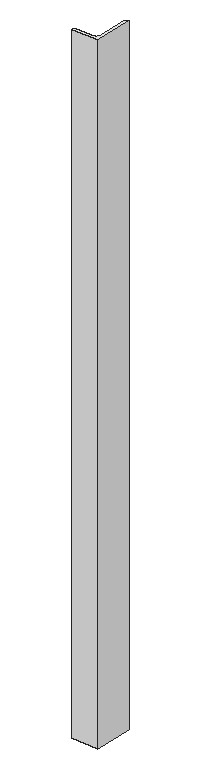
Revit family "M_L Ângulos desiguais-Coluna", category Pilares estruturais, Revit 2019
Family settings
  Forma do corte = Ângulo L
  Material para o comportamento do modelo = Aço
  Exportar sempre como geometria = Não
  Redução da viga na planta = Da caixa de vinculação
  Family Name Key = M_L Unequal Angles-Column
  Nome do código = AISC 14.1
  Número OmniClass = 23.25.30.11.14.11
  Título OmniClass = Columns
  ID de item do Seek = L-Unequal Angles-Column-0000-CAN-ENU
  Corte com vazios quando carregada = Não
  Representação simbólica = Das configurações de projeto
  Compartilhado = Não
  Exibir o pré-corte da família na vista da planta = Sim
Parameters (values of type "L152x102x12.7")
  Largura = 102.00 mm
  Espessura da teia = 12.70 mm
  Concordância da teia = 12.70 mm
  Constante da empena = 0.000000282 (stored number, unit not read)
  Momento de inércia de torção = 16.9 cm⁴
  Concordância da alma superior = 6.35 mm
  Structural Material [instance] = Aço, 45-345
  Section Name Key = ""
  Área de corte = 3060.0 mm²
  Ângulo dos eixos principais = 23.749°
  Eixo fraco do módulo plástico = 60500.0 mm³
  Eixo forte do módulo plástico = 126000.0 mm³
  Peso nominal = 235.36 N/m
  Eixo fraco do momento de inércia = 259 cm⁴
  Eixo forte do momento de inércia = 720 cm⁴
  Altura = 152.00 mm
  Espessura do flange = 12.7 mm
  Concordância do flange = 6.35 mm
  Eixo fraco do módulo de elasticidade = 33800.0 mm³
  Eixo forte do módulo de elasticidade = 70600.0 mm³
  Centróide vertical = 50.30 mm
  Centróide horizontal = 24.90 mm
  Flange mais curto do espaçamento do parafuso = 63.5 mm
  Flange mais longo 2 do espaçamento do parafuso = 120.65 mm
  Flange mais longo 1 do espaçamento do parafuso = 57.15 mm
  Assembly Code = ""
Reference planes
  plane 1: y = 0
  plane 2: z = 0
  plane 3: x = 0
  plane 4: x = -77.1
  plane 5: y = 101.7
  plane 6: y = -50.3
  plane 7: x = 24.9
  plane 8: y = -37.6
  plane 9: x = 12.2
Forms (mm)
  Extrusion 1, solid, material "Aço, 45-345" <- "Structural Material", detail levels medium
    sketch origin (0, 0, 0) x (1, 0, 0) y (0, 1, 0)
      loop
        line (-77.1, -37.6) -> (-77.1, -50.3) -> (24.9, -50.3) -> (24.9, 101.7) -> (12.2, 101.7) -> (12.2, -37.6) -> (-77.1, -37.6)
    from 0 to 2500
  Extrusion 2, solid, material "Aço, 45-345" <- "Structural Material", detail levels fine
    sketch origin (0, 0, 0) x (1, 0, 0) y (0, 1, 0)
      loop
        arc (-70.75, -37.6) -> (-75.24, -39.46) -> (-77.1, -43.95) r 6.35
        line (-77.1, -43.95) -> (-77.1, -50.3) -> (24.9, -50.3) -> (24.9, 101.7) -> (18.55, 101.7)
        arc (18.55, 101.7) -> (14.06, 99.84) -> (12.2, 95.35) r 6.35
        line (12.2, 95.35) -> (12.2, -24.9)
        arc (12.2, -24.9) -> (8.48, -33.88) -> (-0.5, -37.6) r 12.7
        line (-0.5, -37.6) -> (-70.75, -37.6)
    from 0 to 2500
Lines and regions (mm)
  symbolic lines, style "Faces ocultas", detail levels medium+fine
    curve 1: line (12.2, 0, 2500) -> (12.2, 0, 0)
    curve 2: line (-4.1, 89, 2500) -> (-4.1, 89, 0)
  symbolic lines, style "StructuralColumnStickSymbols", detail levels coarse
    curve 3: line (24.9, -50.3, 0) -> (-77.1, -50.3, 0)
    curve 4: line (24.9, -50.3, 0) -> (24.9, 101.7, 0)
Dimensions and locks
  "Centróide vertical": plane 1 to plane 6
  "Espessura da teia": plane 8 to plane 6
  "Espessura da teia": plane 9 to plane 7
  "Centróide horizontal": plane 3 to plane 7
  "Altura": plane 5 to plane 6
  "Largura": plane 4 to plane 7
  "Concordância da alma superior": radius of Extrusion 2 sketch curve
  "Concordância do flange": radius of Extrusion 2 sketch curve
  "Concordância da teia": radius of Extrusion 2 sketch curve
  aligned and locked: level to plane 2
  aligned and locked: level to curve 1  (x2)
  aligned and locked: plane 2 to curve 2
  aligned and locked: level to curve 2
  aligned and locked: plane 7 to curve 3
  aligned and locked: plane 6 to curve 3
  aligned and locked: Extrusion 1 sketch curve to plane 5
  aligned and locked: plane 9 to Extrusion 1 sketch curve
  aligned and locked: Extrusion 1 sketch curve to plane 8
  aligned and locked: plane 4 to Extrusion 1 sketch curve
  aligned and locked: plane 6 to Extrusion 1 sketch curve
  aligned and locked: Extrusion 1 sketch curve to plane 7
  aligned and locked: plane 4 to curve 3
  aligned and locked: plane 5 to curve 4
  aligned and locked: level to Extrusion 1
  aligned and locked: Extrusion 1 to level
  aligned and locked: plane 6 to Extrusion 2 sketch curve
  aligned and locked: Extrusion 2 sketch curve to plane 7
  aligned and locked: Extrusion 2 sketch curve to plane 5
  aligned and locked: plane 9 to Extrusion 2 sketch curve
  aligned and locked: Extrusion 2 sketch curve to plane 8
  aligned and locked: plane 4 to Extrusion 2 sketch curve
  aligned and locked: level to Extrusion 2
  aligned and locked: Extrusion 2 to level
  aligned and locked: curve 1 to plane 9
Automatic sketch dimensions
  curve 2 to plane 5 = 12.70 mm
Types in the file's own list only (75): name | Largura | Espessura da teia | Concordância da teia | Constante da empena | Momento de inércia de torção | Concordância da alma superior | Chave do nome do corte | Área de corte | Ângulo dos eixos principais | Eixo fraco do módulo plástico | Eixo forte do módulo plástico | Peso nominal | Eixo fraco do momento de inércia | Eixo forte do momento de inércia | Altura | Espessura do flange | Concordância do flange | Eixo fraco do módulo de elasticidade | Eixo forte do módulo de elasticidade | Centróide vertical | Centróide horizontal | Flange mais curto do espaçamento do parafuso | Flange mais longo 2 do espaçamento do parafuso | Flange mais longo 1 do espaçamento do parafuso
  L203X152X25.4 | 152.000 mm | 25.400 mm | 25.400 mm | 4380000000.0 mm6 | 1810000.00 mm4 | 12.700 mm | L8X6X1 | 8450.0 mm² | 28.46° | 265000.0 mm³ | 447000.0 mm³ | 65.50 kgf/m | 16100000.00 mm4 | 33700000.00 mm4 | 203.000 mm | 25.400 mm | 12.700 mm | 146000.0 mm³ | 247000.0 mm³ | 67.300 mm | 41.900 mm | 88.90 mm | 152.40 mm | 76.20 mm
  L203X152X22.2 | 152.000 mm | 22.200 mm | 22.200 mm | 3030000000.0 mm6 | 1230000.00 mm4 | 11.100 mm | L8X6X7/8 | 7420.0 mm² | 28.63° | 236000.0 mm³ | 398000.0 mm³ | 57.90 kgf/m | 14500000.00 mm4 | 30100000.00 mm4 | 203.000 mm | 22.200 mm | 11.100 mm | 130000.0 mm³ | 220000.0 mm³ | 66.000 mm | 40.600 mm | 88.90 mm | 152.40 mm | 76.20 mm
  L203X152X19 | 152.000 mm | 19.100 mm | 19.100 mm | 1950000000.0 mm6 | 791000.00 mm4 | 9.550 mm | L8X6X3/4 | 6450.0 mm² | 28.81° | 205000.0 mm³ | 346000.0 mm³ | 50.10 kgf/m | 12800000.00 mm4 | 26400000.00 mm4 | 203.000 mm | 19.100 mm | 9.550 mm | 113000.0 mm³ | 192000.0 mm³ | 64.800 mm | 39.600 mm | 88.90 mm | 152.40 mm | 76.20 mm
  L203X152X15.9 | 152.000 mm | 15.900 mm | 15.900 mm | 1160000000.0 mm6 | 466000.00 mm4 | 7.950 mm | L8X6X5/8 | 5430.0 mm² | 28.99° | 172000.0 mm³ | 293000.0 mm³ | 42.20 kgf/m | 11000000.00 mm4 | 22600000.00 mm4 | 203.000 mm | 15.900 mm | 7.950 mm | 96400.0 mm³ | 162000.0 mm³ | 63.500 mm | 38.400 mm | 88.90 mm | 152.40 mm | 76.20 mm
  L203X152X14.3 | 152.000 mm | 14.300 mm | 14.300 mm | 859000000.0 mm6 | 343000.00 mm4 | 7.150 mm | L8X6X9/16 | 4910.0 mm² | 29.07° | 156000.0 mm³ | 265000.0 mm³ | 38.10 kgf/m | 10000000.00 mm4 | 20600000.00 mm4 | 203.000 mm | 14.300 mm | 7.150 mm | 87500.0 mm³ | 147000.0 mm³ | 63.000 mm | 37.800 mm | 88.90 mm | 152.40 mm | 76.20 mm
  L203X152X12.7 | 152.000 mm | 12.700 mm | 12.700 mm | 612000000.0 mm6 | 243000.00 mm4 | 6.350 mm | L8X6X1/2 | 4390.0 mm² | 29.12° | 140000.0 mm³ | 239000.0 mm³ | 34.10 kgf/m | 9030000.00 mm4 | 18500000.00 mm4 | 203.000 mm | 12.700 mm | 6.350 mm | 78500.0 mm³ | 131000.0 mm³ | 62.500 mm | 37.100 mm | 88.90 mm | 152.40 mm | 76.20 mm
  L203X152X11.1 | 152.000 mm | 11.100 mm | 11.100 mm | 416000000.0 mm6 | 165000.00 mm4 | 5.550 mm | L8X6X7/16 | 3860.0 mm² | 29.21° | 123000.0 mm³ | 211000.0 mm³ | 29.90 kgf/m | 8030000.00 mm4 | 16400000.00 mm4 | 203.000 mm | 11.100 mm | 5.550 mm | 69300.0 mm³ | 116000.0 mm³ | 61.700 mm | 36.600 mm | 88.90 mm | 152.40 mm | 76.20 mm
  L203X102X25.4 | 102.000 mm | 25.400 mm | 25.400 mm | 3460000000.0 mm6 | 1530000.00 mm4 | 12.700 mm | L8X4X1 | 7160.0 mm² | 13.87° | 127000.0 mm³ | 398000.0 mm³ | 55.40 kgf/m | 4830000.00 mm4 | 29000000.00 mm4 | 203.000 mm | 25.400 mm | 12.700 mm | 64600.0 mm³ | 229000.0 mm³ | 77.000 mm | 26.400 mm | 63.50 mm | 152.40 mm | 76.20 mm
  L203X102X22.2 | 102.000 mm | 22.200 mm | 22.200 mm | 2390000000.0 mm6 | 1040000.00 mm4 | 11.100 mm | L8X4X7/8 | 6320.0 mm² | 14.14° | 111000.0 mm³ | 356000.0 mm³ | 49.30 kgf/m | 4370000.00 mm4 | 26100000.00 mm4 | 203.000 mm | 22.200 mm | 11.100 mm | 57500.0 mm³ | 205000.0 mm³ | 75.900 mm | 25.300 mm | 63.50 mm | 152.40 mm | 76.20 mm
  L203X102X19 | 102.000 mm | 19.100 mm | 19.100 mm | 1540000000.0 mm6 | 670000.00 mm4 | 9.550 mm | L8X4X3/4 | 5480.0 mm² | 14.41° | 95400.0 mm³ | 310000.0 mm³ | 42.50 kgf/m | 3900000.00 mm4 | 22900000.00 mm4 | 203.000 mm | 19.100 mm | 9.550 mm | 50300.0 mm³ | 179000.0 mm³ | 74.700 mm | 24.100 mm | 63.50 mm | 152.40 mm | 76.20 mm
  L203X102X15.9 | 102.000 mm | 15.900 mm | 15.900 mm | 918000000.0 mm6 | 398000.00 mm4 | 7.950 mm | L8X4X5/8 | 4620.0 mm² | 14.68° | 79600.0 mm³ | 264000.0 mm³ | 36.00 kgf/m | 3380000.00 mm4 | 19600000.00 mm4 | 203.000 mm | 15.900 mm | 7.950 mm | 42900.0 mm³ | 151000.0 mm³ | 73.400 mm | 22.900 mm | 63.50 mm | 152.40 mm | 76.20 mm
  L203X102X14.3 | 102.000 mm | 14.300 mm | 14.300 mm | 679000000.0 mm6 | 293000.00 mm4 | 7.150 mm | L8X4X9/16 | 4190.0 mm² | 14.79° | 71900.0 mm³ | 239000.0 mm³ | 32.40 kgf/m | 3100000.00 mm4 | 17900000.00 mm4 | 203.000 mm | 14.300 mm | 7.150 mm | 39000.0 mm³ | 137000.0 mm³ | 72.600 mm | 22.300 mm | 63.50 mm | 152.40 mm | 76.20 mm
  L203X102X12.7 | 102.000 mm | 12.700 mm | 12.700 mm | 483000000.0 mm6 | 209000.00 mm4 | 6.350 mm | L8X4X1/2 | 3740.0 mm² | 14.90° | 64100.0 mm³ | 215000.0 mm³ | 29.00 kgf/m | 2810000.00 mm4 | 16100000.00 mm4 | 203.000 mm | 12.700 mm | 6.350 mm | 35200.0 mm³ | 123000.0 mm³ | 72.100 mm | 21.700 mm | 63.50 mm | 152.40 mm | 76.20 mm
  L203X102X11.1 | 102.000 mm | 11.100 mm | 11.100 mm | 328000000.0 mm6 | 142000.00 mm4 | 5.550 mm | L8X4X7/16 | 3300.0 mm² | 15.00° | 56000.0 mm³ | 190000.0 mm³ | 25.60 kgf/m | 2510000.00 mm4 | 14200000.00 mm4 | 203.000 mm | 11.100 mm | 5.550 mm | 31100.0 mm³ | 108000.0 mm³ | 71.400 mm | 21.100 mm | 63.50 mm | 152.40 mm | 76.20 mm
  L178X102X19 | 102.000 mm | 19.100 mm | 19.100 mm | 1070000000.0 mm6 | 612000.00 mm4 | 9.550 mm | L7X4X3/4 | 4990.0 mm² | 17.95° | 91800.0 mm³ | 243000.0 mm³ | 38.80 kgf/m | 3750000.00 mm4 | 15700000.00 mm4 | 178.000 mm | 19.100 mm | 9.550 mm | 49300.0 mm³ | 137000.0 mm³ | 63.500 mm | 25.400 mm | 63.50 mm | 139.70 mm | 63.50 mm
  L178X102X15.9 | 102.000 mm | 15.900 mm | 15.900 mm | 636000000.0 mm6 | 361000.00 mm4 | 7.950 mm | L7X4X5/8 | 4190.0 mm² | 18.21° | 76900.0 mm³ | 205000.0 mm³ | 32.70 kgf/m | 3240000.00 mm4 | 13500000.00 mm4 | 178.000 mm | 15.900 mm | 7.950 mm | 42000.0 mm³ | 117000.0 mm³ | 62.200 mm | 24.300 mm | 63.50 mm | 139.70 mm | 63.50 mm
  L178X102X12.7 | 102.000 mm | 12.700 mm | 12.700 mm | 336000000.0 mm6 | 190000.00 mm4 | 6.350 mm | L7X4X1/2 | 3390.0 mm² | 18.47° | 61800.0 mm³ | 167000.0 mm³ | 26.50 kgf/m | 2700000.00 mm4 | 11100000.00 mm4 | 178.000 mm | 12.700 mm | 6.350 mm | 34400.0 mm³ | 94900.0 mm³ | 61.000 mm | 23.100 mm | 63.50 mm | 139.70 mm | 63.50 mm
  L178X102X11.1 | 102.000 mm | 11.100 mm | 11.100 mm | 229000000.0 mm6 | 129000.00 mm4 | 5.550 mm | L7X4X7/16 | 2990.0 mm² | 18.62° | 54200.0 mm³ | 148000.0 mm³ | 23.40 kgf/m | 2410000.00 mm4 | 9820000.00 mm4 | 178.000 mm | 11.100 mm | 5.550 mm | 30500.0 mm³ | 83700.0 mm³ | 60.500 mm | 22.500 mm | 63.50 mm | 139.70 mm | 63.50 mm
  L178X102X9.5 | 102.000 mm | 9.530 mm | 9.530 mm | 146000000.0 mm6 | 82400.00 mm4 | 4.765 mm | L7X4X3/8 | 2580.0 mm² | 18.73° | 46500.0 mm³ | 128000.0 mm³ | 20.20 kgf/m | 2110000.00 mm4 | 8530000.00 mm4 | 178.000 mm | 9.530 mm | 4.765 mm | 26400.0 mm³ | 72400.0 mm³ | 59.700 mm | 21.900 mm | 63.50 mm | 139.70 mm | 63.50 mm
  L152X102X22.2 | 102.000 mm | 22.200 mm | 22.200 mm | 1080000000.0 mm6 | 845000.00 mm4 | 11.100 mm | L6X4X7/8 | 5160.0 mm² | 22.83° | 103000.0 mm³ | 208000.0 mm³ | 40.30 kgf/m | 4040000.00 mm4 | 11500000.00 mm4 | 152.000 mm | 22.200 mm | 11.100 mm | 55200.0 mm³ | 117000.0 mm³ | 53.800 mm | 28.400 mm | 63.50 mm | 120.65 mm | 57.15 mm
  L152X102X19 | 102.000 mm | 19.100 mm | 19.100 mm | 709000000.0 mm6 | 545000.00 mm4 | 9.550 mm | L6X4X3/4 | 4480.0 mm² | 23.17° | 88800.0 mm³ | 182000.0 mm³ | 35.00 kgf/m | 3590000.00 mm4 | 10200000.00 mm4 | 152.000 mm | 19.100 mm | 9.550 mm | 48300.0 mm³ | 102000.0 mm³ | 52.600 mm | 27.200 mm | 63.50 mm | 120.65 mm | 57.15 mm
  L152X102X15.9 | 102.000 mm | 15.900 mm | 15.900 mm | 427000000.0 mm6 | 323000.00 mm4 | 7.950 mm | L6X4X5/8 | 3780.0 mm² | 23.51° | 74700.0 mm³ | 155000.0 mm³ | 29.60 kgf/m | 3110000.00 mm4 | 8740000.00 mm4 | 152.000 mm | 15.900 mm | 7.950 mm | 41300.0 mm³ | 86700.0 mm³ | 51.600 mm | 26.200 mm | 63.50 mm | 120.65 mm | 57.15 mm
  L152X102X14.3 | 102.000 mm | 14.300 mm | 14.300 mm | 317000000.0 mm6 | 238000.00 mm4 | 7.150 mm | L6X4X9/16 | 3430.0 mm² | 23.65° | 67700.0 mm³ | 141000.0 mm³ | 26.90 kgf/m | 2860000.00 mm4 | 7990000.00 mm4 | 152.000 mm | 14.300 mm | 7.150 mm | 37500.0 mm³ | 78800.0 mm³ | 50.800 mm | 25.400 mm | 63.50 mm | 120.65 mm | 57.15 mm
  L152X102X11.1 | 102.000 mm | 11.100 mm | 11.100 mm | 154000000.0 mm6 | 115000.00 mm4 | 5.550 mm | L6X4X7/16 | 2700.0 mm² | 23.89° | 53100.0 mm³ | 112000.0 mm³ | 21.20 kgf/m | 2310000.00 mm4 | 6410000.00 mm4 | 152.000 mm | 11.100 mm | 5.550 mm | 30000.0 mm³ | 62400.0 mm³ | 49.500 mm | 24.300 mm | 63.50 mm | 120.65 mm | 57.15 mm
  L152X102X9.5 | 102.000 mm | 9.530 mm | 9.530 mm | 99100000.0 mm6 | 73700.00 mm4 | 4.765 mm | L6X4X3/8 | 2330.0 mm² | 24.04° | 45700.0 mm³ | 96500.0 mm³ | 18.20 kgf/m | 2020000.00 mm4 | 5580000.00 mm4 | 152.000 mm | 9.530 mm | 4.765 mm | 25900.0 mm³ | 54100.0 mm³ | 49.000 mm | 23.700 mm | 63.50 mm | 120.65 mm | 57.15 mm
  L152X102X7.9 | 102.000 mm | 7.940 mm | 7.940 mm | 58300000.0 mm6 | 43300.00 mm4 | 3.970 mm | L6X4X5/16 | 1950.0 mm² | 24.18° | 38200.0 mm³ | 81300.0 mm³ | 15.30 kgf/m | 1720000.00 mm4 | 4750000.00 mm4 | 152.000 mm | 7.940 mm | 3.970 mm | 22000.0 mm³ | 45400.0 mm³ | 48.300 mm | 23.100 mm | 63.50 mm | 120.65 mm | 57.15 mm
  L152X89X12.7 | 88.900 mm | 12.700 mm | 12.700 mm | 209000000.0 mm6 | 161000.00 mm4 | 6.350 mm | L6X3 1/2X1/2 | 2900.0 mm² | 18.93° | 47200.0 mm³ | 123000.0 mm³ | 22.70 kgf/m | 1760000.00 mm4 | 6910000.00 mm4 | 152.000 mm | 12.700 mm | 6.350 mm | 26100.0 mm³ | 69300.0 mm³ | 52.600 mm | 21.100 mm | 50.80 mm | 120.65 mm | 57.15 mm
  L152X89X9.5 | 88.900 mm | 9.530 mm | 9.530 mm | 91600000.0 mm6 | 69900.00 mm4 | 4.765 mm | L6X3 1/2X3/8 | 2220.0 mm² | 19.24° | 35700.0 mm³ | 94100.0 mm³ | 17.30 kgf/m | 1390000.00 mm4 | 5370000.00 mm4 | 152.000 mm | 9.530 mm | 4.765 mm | 20000.0 mm³ | 52900.0 mm³ | 51.300 mm | 19.800 mm | 50.80 mm | 120.65 mm | 57.15 mm
  L152X89X7.9 | 88.900 mm | 7.940 mm | 7.940 mm | 54000000.0 mm6 | 41200.00 mm4 | 3.970 mm | L6X3 1/2X5/16 | 1860.0 mm² | 19.39° | 29800.0 mm³ | 79300.0 mm³ | 14.50 kgf/m | 1180000.00 mm4 | 4540000.00 mm4 | 152.000 mm | 7.940 mm | 3.970 mm | 16900.0 mm³ | 44600.0 mm³ | 50.800 mm | 19.200 mm | 50.80 mm | 120.65 mm | 57.15 mm
  L127X89X19 | 88.900 mm | 19.100 mm | 19.100 mm | 408000000.0 mm6 | 454000.00 mm4 | 9.550 mm | L5X3 1/2X3/4 | 3770.0 mm² | 24.89° | 66700.0 mm³ | 125000.0 mm³ | 29.30 kgf/m | 2300000.00 mm4 | 5790000.00 mm4 | 127.000 mm | 19.100 mm | 9.550 mm | 36100.0 mm³ | 69800.0 mm³ | 44.200 mm | 25.200 mm | 50.80 mm | 95.25 mm | 50.80 mm
  L127X89X15.9 | 88.900 mm | 15.900 mm | 15.900 mm | 247000000.0 mm6 | 271000.00 mm4 | 7.950 mm | L5X3 1/2X5/8 | 3180.0 mm² | 25.27° | 56200.0 mm³ | 107000.0 mm³ | 24.90 kgf/m | 2000000.00 mm4 | 4990000.00 mm4 | 127.000 mm | 15.900 mm | 7.950 mm | 30800.0 mm³ | 59500.0 mm³ | 42.900 mm | 24.100 mm | 50.80 mm | 95.25 mm | 50.80 mm
  L127X89X12.7 | 88.900 mm | 12.700 mm | 12.700 mm | 132000000.0 mm6 | 143000.00 mm4 | 6.350 mm | L5X3 1/2X1/2 | 2580.0 mm² | 25.59° | 45700.0 mm³ | 87300.0 mm³ | 20.20 kgf/m | 1670000.00 mm4 | 4160000.00 mm4 | 127.000 mm | 12.700 mm | 6.350 mm | 25400.0 mm³ | 48700.0 mm³ | 41.900 mm | 22.900 mm | 50.80 mm | 95.25 mm | 50.80 mm
  L127X89X9.5 | 88.900 mm | 9.530 mm | 9.530 mm | 58300000.0 mm6 | 62400.00 mm4 | 4.765 mm | L5X3 1/2X3/8 | 1970.0 mm² | 25.87° | 34700.0 mm³ | 67000.0 mm³ | 15.40 kgf/m | 1310000.00 mm4 | 3230000.00 mm4 | 127.000 mm | 9.530 mm | 4.765 mm | 19500.0 mm³ | 37400.0 mm³ | 40.600 mm | 21.700 mm | 50.80 mm | 95.25 mm | 50.80 mm
  L127X89X7.9 | 88.900 mm | 7.940 mm | 7.940 mm | 34400000.0 mm6 | 36800.00 mm4 | 3.970 mm | L5X3 1/2X5/16 | 1650.0 mm² | 26.06° | 29000.0 mm³ | 56500.0 mm³ | 12.90 kgf/m | 1120000.00 mm4 | 2740000.00 mm4 | 127.000 mm | 7.940 mm | 3.970 mm | 16600.0 mm³ | 31500.0 mm³ | 39.900 mm | 21.100 mm | 50.80 mm | 95.25 mm | 50.80 mm
  L127X89X6.4 | 88.900 mm | 6.350 mm | 6.350 mm | 18000000.0 mm6 | 19300.00 mm4 | 3.175 mm | L5X3 1/2X1/4 | 1340.0 mm² | 26.15° | 23300.0 mm³ | 45600.0 mm³ | 10.40 kgf/m | 916000.00 mm4 | 2230000.00 mm4 | 127.000 mm | 6.350 mm | 3.175 mm | 13400.0 mm³ | 25400.0 mm³ | 39.400 mm | 20.400 mm | 50.80 mm | 95.25 mm | 50.80 mm
  L127X76X12.7 | 76.200 mm | 12.700 mm | 12.700 mm | 119000000.0 mm6 | 134000.00 mm4 | 6.350 mm | L5X3X1/2 | 2420.0 mm² | 19.65° | 34100.0 mm³ | 83900.0 mm³ | 19.00 kgf/m | 1060000.00 mm4 | 3930000.00 mm4 | 127.000 mm | 12.700 mm | 6.350 mm | 18500.0 mm³ | 47400.0 mm³ | 44.200 mm | 18.900 mm | 44.45 mm | 95.25 mm | 50.80 mm
  L127X76X11.1 | 76.200 mm | 11.100 mm | 11.100 mm | 81600000.0 mm6 | 91600.00 mm4 | 5.550 mm | L5X3X7/16 | 2140.0 mm² | 19.85° | 29800.0 mm³ | 74200.0 mm³ | 16.70 kgf/m | 953000.00 mm4 | 3500000.00 mm4 | 127.000 mm | 11.100 mm | 5.550 mm | 16400.0 mm³ | 42000.0 mm³ | 43.700 mm | 18.300 mm | 44.45 mm | 95.25 mm | 50.80 mm
  L127X76X9.5 | 76.200 mm | 9.530 mm | 9.530 mm | 52600000.0 mm6 | 58700.00 mm4 | 4.765 mm | L5X3X3/8 | 1850.0 mm² | 20.00° | 25700.0 mm³ | 64400.0 mm³ | 14.50 kgf/m | 837000.00 mm4 | 3060000.00 mm4 | 127.000 mm | 9.530 mm | 4.765 mm | 14300.0 mm³ | 36400.0 mm³ | 42.900 mm | 17.700 mm | 44.45 mm | 95.25 mm | 50.80 mm
  L127X76X7.9 | 76.200 mm | 7.940 mm | 7.940 mm | 31200000.0 mm6 | 34600.00 mm4 | 3.970 mm | L5X3X5/16 | 1550.0 mm² | 20.20° | 21500.0 mm³ | 54400.0 mm³ | 12.10 kgf/m | 716000.00 mm4 | 2600000.00 mm4 | 127.000 mm | 7.940 mm | 3.970 mm | 12100.0 mm³ | 30600.0 mm³ | 42.400 mm | 17.100 mm | 44.45 mm | 95.25 mm | 50.80 mm
  L127X76X6.4 | 76.200 mm | 6.350 mm | 6.350 mm | 16300000.0 mm6 | 18200.00 mm4 | 3.175 mm | L5X3X1/4 | 1250.0 mm² | 20.35° | 17200.0 mm³ | 43900.0 mm³ | 9.80 kgf/m | 587000.00 mm4 | 2120000.00 mm4 | 127.000 mm | 6.350 mm | 3.175 mm | 9830.0 mm³ | 24700.0 mm³ | 41.700 mm | 16.500 mm | 44.45 mm | 95.25 mm | 50.80 mm
  L102X89X12.7 | 88.900 mm | 12.700 mm | 12.700 mm | 81100000.0 mm6 | 125000.00 mm4 | 6.350 mm | L4X3 1/2X1/2 | 2260.0 mm² | 36.87° | 44100.0 mm³ | 56700.0 mm³ | 17.60 kgf/m | 1570000.00 mm4 | 2210000.00 mm4 | 102.000 mm | 12.700 mm | 6.350 mm | 24600.0 mm³ | 31500.0 mm³ | 31.500 mm | 25.200 mm | 50.80 mm | 0.00 mm | 0.00 mm
  L102X89X9.5 | 88.900 mm | 9.530 mm | 9.530 mm | 36000000.0 mm6 | 54900.00 mm4 | 4.765 mm | L4X3 1/2X3/8 | 1730.0 mm² | 37.05° | 33800.0 mm³ | 43600.0 mm³ | 13.50 kgf/m | 1230000.00 mm4 | 1730000.00 mm4 | 102.000 mm | 9.530 mm | 4.765 mm | 19000.0 mm³ | 24300.0 mm³ | 30.500 mm | 24.100 mm | 50.80 mm | 0.00 mm | 0.00 mm
  L102X89X7.9 | 88.900 mm | 7.940 mm | 7.940 mm | 21400000.0 mm6 | 32500.00 mm4 | 3.970 mm | L4X3 1/2X5/16 | 1450.0 mm² | 37.13° | 28500.0 mm³ | 36700.0 mm³ | 11.40 kgf/m | 1050000.00 mm4 | 1470000.00 mm4 | 102.000 mm | 7.940 mm | 3.970 mm | 16100.0 mm³ | 20500.0 mm³ | 29.700 mm | 23.400 mm | 50.80 mm | 0.00 mm | 0.00 mm
  L102X89X6.4 | 88.900 mm | 6.350 mm | 6.350 mm | 11300000.0 mm6 | 17100.00 mm4 | 3.175 mm | L4X3 1/2X1/4 | 1170.0 mm² | 37.20° | 22900.0 mm³ | 29700.0 mm³ | 9.20 kgf/m | 862000.00 mm4 | 1200000.00 mm4 | 102.000 mm | 6.350 mm | 3.175 mm | 13000.0 mm³ | 16600.0 mm³ | 29.000 mm | 22.800 mm | 50.80 mm | 0.00 mm | 0.00 mm
  L102X76X15.9 | 76.200 mm | 15.900 mm | 15.900 mm | 127000000.0 mm6 | 220000.00 mm4 | 7.950 mm | L4X3X5/8 | 2570.0 mm² | 28.10° | 40100.0 mm³ | 66900.0 mm³ | 20.20 kgf/m | 1190000.00 mm4 | 2500000.00 mm4 | 102.000 mm | 15.900 mm | 7.950 mm | 22000.0 mm³ | 37400.0 mm³ | 34.800 mm | 22.000 mm | 44.45 mm | 0.00 mm | 0.00 mm
  L102X76X12.7 | 76.200 mm | 12.700 mm | 12.700 mm | 68500000.0 mm6 | 117000.00 mm4 | 6.350 mm | L4X3X1/2 | 2100.0 mm² | 28.46° | 32600.0 mm³ | 55100.0 mm³ | 16.40 kgf/m | 999000.00 mm4 | 2090000.00 mm4 | 102.000 mm | 12.700 mm | 6.350 mm | 18000.0 mm³ | 30600.0 mm³ | 33.500 mm | 20.900 mm | 44.45 mm | 0.00 mm | 0.00 mm
  L102X76X9.5 | 76.200 mm | 9.530 mm | 9.530 mm | 30600000.0 mm6 | 51200.00 mm4 | 4.765 mm | L4X3X3/8 | 1610.0 mm² | 28.85° | 24900.0 mm³ | 42600.0 mm³ | 12.60 kgf/m | 787000.00 mm4 | 1640000.00 mm4 | 102.000 mm | 9.530 mm | 4.765 mm | 13900.0 mm³ | 23600.0 mm³ | 32.300 mm | 19.700 mm | 44.45 mm | 0.00 mm | 0.00 mm
  L102X76X7.9 | 76.200 mm | 7.940 mm | 7.940 mm | 18200000.0 mm6 | 30400.00 mm4 | 3.970 mm | L4X3X5/16 | 1350.0 mm² | 28.99° | 21000.0 mm³ | 35900.0 mm³ | 10.70 kgf/m | 674000.00 mm4 | 1400000.00 mm4 | 102.000 mm | 7.940 mm | 3.970 mm | 11800.0 mm³ | 20000.0 mm³ | 31.800 mm | 19.100 mm | 44.45 mm | 0.00 mm | 0.00 mm
  L102X76X6.4 | 76.200 mm | 6.350 mm | 6.350 mm | 9560000.0 mm6 | 16100.00 mm4 | 3.175 mm | L4X3X1/4 | 1090.0 mm² | 29.16° | 16900.0 mm³ | 29000.0 mm³ | 8.60 kgf/m | 554000.00 mm4 | 1140000.00 mm4 | 102.000 mm | 6.350 mm | 3.175 mm | 9590.0 mm³ | 16200.0 mm³ | 31.000 mm | 18.400 mm | 44.45 mm | 0.00 mm | 0.00 mm
  L89X76X12.7 | 76.200 mm | 12.700 mm | 12.700 mm | 51300000.0 mm6 | 108000.00 mm4 | 6.350 mm | L3 1/2X3X1/2 | 1950.0 mm² | 35.49° | 32300.0 mm³ | 42800.0 mm³ | 15.10 kgf/m | 966000.00 mm4 | 1440000.00 mm4 | 88.900 mm | 12.700 mm | 6.350 mm | 17900.0 mm³ | 23800.0 mm³ | 28.400 mm | 22.100 mm | 44.45 mm | 0.00 mm | 0.00 mm
  L89X76X11.1 | 76.200 mm | 11.100 mm | 11.100 mm | 35400000.0 mm6 | 74100.00 mm4 | 5.550 mm | L3 1/2X3X7/16 | 1720.0 mm² | 35.64° | 28700.0 mm³ | 38000.0 mm³ | 13.50 kgf/m | 870000.00 mm4 | 1290000.00 mm4 | 88.900 mm | 11.100 mm | 5.550 mm | 15900.0 mm³ | 21100.0 mm³ | 27.700 mm | 21.500 mm | 44.45 mm | 0.00 mm | 0.00 mm
  L89X76X9.5 | 76.200 mm | 9.530 mm | 9.530 mm | 23000000.0 mm6 | 47500.00 mm4 | 4.765 mm | L3 1/2X3X3/8 | 1500.0 mm² | 35.75° | 24900.0 mm³ | 33300.0 mm³ | 11.70 kgf/m | 766000.00 mm4 | 1140000.00 mm4 | 88.900 mm | 9.530 mm | 4.765 mm | 13900.0 mm³ | 18400.0 mm³ | 27.200 mm | 20.900 mm | 44.45 mm | 0.00 mm | 0.00 mm
  L89X76X7.9 | 76.200 mm | 7.940 mm | 7.940 mm | 13700000.0 mm6 | 28300.00 mm4 | 3.970 mm | L3 1/2X3X5/16 | 1260.0 mm² | 35.83° | 21000.0 mm³ | 28200.0 mm³ | 9.80 kgf/m | 658000.00 mm4 | 970000.00 mm4 | 88.900 mm | 7.940 mm | 3.970 mm | 11800.0 mm³ | 15600.0 mm³ | 26.700 mm | 20.300 mm | 44.45 mm | 0.00 mm | 0.00 mm
  L89X76X6.4 | 76.200 mm | 6.350 mm | 6.350 mm | 7250000.0 mm6 | 15000.00 mm4 | 3.175 mm | L3 1/2X3X1/4 | 1020.0 mm² | 35.94° | 17000.0 mm³ | 22800.0 mm³ | 8.00 kgf/m | 541000.00 mm4 | 799000.00 mm4 | 88.900 mm | 6.350 mm | 3.175 mm | 9590.0 mm³ | 12700.0 mm³ | 25.900 mm | 19.600 mm | 44.45 mm | 0.00 mm | 0.00 mm
  L89X64X12.7 | 63.500 mm | 12.700 mm | 12.700 mm | 42700000.0 mm6 | 97400.00 mm4 | 6.350 mm | L3 1/2X2 1/2X1/2 | 1790.0 mm² | 25.87° | 22800.0 mm³ | 41300.0 mm³ | 13.90 kgf/m | 566000.00 mm4 | 1350000.00 mm4 | 88.900 mm | 12.700 mm | 6.350 mm | 12400.0 mm³ | 23100.0 mm³ | 30.500 mm | 17.800 mm | 34.93 mm | 0.00 mm | 0.00 mm
  L89X64X9.5 | 63.500 mm | 9.530 mm | 9.530 mm | 19200000.0 mm6 | 42900.00 mm4 | 4.765 mm | L3 1/2X2 1/2X3/8 | 1370.0 mm² | 26.34° | 17500.0 mm³ | 32100.0 mm³ | 10.70 kgf/m | 454000.00 mm4 | 1070000.00 mm4 | 88.900 mm | 9.530 mm | 4.765 mm | 9650.0 mm³ | 17900.0 mm³ | 29.200 mm | 16.600 mm | 34.93 mm | 0.00 mm | 0.00 mm
  L89X64X7.9 | 63.500 mm | 7.940 mm | 7.940 mm | 11400000.0 mm6 | 25400.00 mm4 | 3.970 mm | L3 1/2X2 1/2X5/16 | 1150.0 mm² | 26.57° | 14700.0 mm³ | 27400.0 mm³ | 9.00 kgf/m | 390000.00 mm4 | 916000.00 mm4 | 88.900 mm | 7.940 mm | 3.970 mm | 8210.0 mm³ | 15200.0 mm³ | 28.700 mm | 16.100 mm | 34.93 mm | 0.00 mm | 0.00 mm
  L89X64X6.4 | 63.500 mm | 6.350 mm | 6.350 mm | 6040000.0 mm6 | 13400.00 mm4 | 3.175 mm | L3 1/2X2 1/2X1/4 | 935.0 mm² | 26.75° | 11900.0 mm³ | 22300.0 mm³ | 7.30 kgf/m | 323000.00 mm4 | 753000.00 mm4 | 88.900 mm | 6.350 mm | 3.175 mm | 6720.0 mm³ | 12300.0 mm³ | 27.900 mm | 15.400 mm | 34.93 mm | 0.00 mm | 0.00 mm
  L76X64X12.7 | 63.500 mm | 12.700 mm | 12.700 mm | 30100000.0 mm6 | 88700.00 mm4 | 6.350 mm | L3X2 1/2X1/2 | 1610.0 mm² | 33.66° | 22000.0 mm³ | 30500.0 mm³ | 12.60 kgf/m | 537000.00 mm4 | 862000.00 mm4 | 76.200 mm | 12.700 mm | 6.350 mm | 12100.0 mm³ | 16900.0 mm³ | 25.300 mm | 18.900 mm | 34.93 mm | 0.00 mm | 0.00 mm
  L76X64X11.1 | 63.500 mm | 11.100 mm | 11.100 mm | 20900000.0 mm6 | 60800.00 mm4 | 5.550 mm | L3X2 1/2X7/16 | 1430.0 mm² | 33.86° | 19500.0 mm³ | 27200.0 mm³ | 11.30 kgf/m | 487000.00 mm4 | 778000.00 mm4 | 76.200 mm | 11.100 mm | 5.550 mm | 10700.0 mm³ | 15100.0 mm³ | 24.700 mm | 18.400 mm | 34.93 mm | 0.00 mm | 0.00 mm
  L76X64X9.5 | 63.500 mm | 9.530 mm | 9.530 mm | 13600000.0 mm6 | 39300.00 mm4 | 4.765 mm | L3X2 1/2X3/8 | 1250.0 mm² | 34.02° | 16900.0 mm³ | 23800.0 mm³ | 9.80 kgf/m | 429000.00 mm4 | 687000.00 mm4 | 76.200 mm | 9.530 mm | 4.765 mm | 9390.0 mm³ | 13200.0 mm³ | 24.100 mm | 17.800 mm | 34.93 mm | 0.00 mm | 0.00 mm
  L76X64X7.9 | 63.500 mm | 7.940 mm | 7.940 mm | 8160000.0 mm6 | 23300.00 mm4 | 3.970 mm | L3X2 1/2X5/16 | 1050.0 mm² | 34.18° | 14300.0 mm³ | 20200.0 mm³ | 8.30 kgf/m | 370000.00 mm4 | 587000.00 mm4 | 76.200 mm | 7.940 mm | 3.970 mm | 7980.0 mm³ | 11200.0 mm³ | 23.500 mm | 17.200 mm | 34.93 mm | 0.00 mm | 0.00 mm
  L76X64X6.4 | 63.500 mm | 6.350 mm | 6.350 mm | 4320000.0 mm6 | 12300.00 mm4 | 3.175 mm | L3X2 1/2X1/4 | 852.0 mm² | 34.33° | 11600.0 mm³ | 16400.0 mm³ | 6.70 kgf/m | 306000.00 mm4 | 483000.00 mm4 | 76.200 mm | 6.350 mm | 3.175 mm | 6510.0 mm³ | 9090.0 mm³ | 22.900 mm | 16.600 mm | 34.93 mm | 0.00 mm | 0.00 mm
  L76X64X4.8 | 63.500 mm | 4.760 mm | 4.760 mm | 1890000.0 mm6 | 5410.00 mm4 | 2.380 mm | L3X2 1/2X3/16 | 645.0 mm² | 34.49° | 8780.0 mm³ | 12500.0 mm³ | 5.10 kgf/m | 236000.00 mm4 | 374000.00 mm4 | 76.200 mm | 4.760 mm | 2.380 mm | 4970.0 mm³ | 6930.0 mm³ | 22.200 mm | 15.900 mm | 34.93 mm | 0.00 mm | 0.00 mm
  L76X51X12.7 | 50.800 mm | 12.700 mm | 12.700 mm | 24400000.0 mm6 | 79900.00 mm4 | 6.350 mm | L3X2X1/2 | 1460.0 mm² | 22.44° | 14500.0 mm³ | 29200.0 mm³ | 11.50 kgf/m | 278000.00 mm4 | 799000.00 mm4 | 76.200 mm | 12.700 mm | 6.350 mm | 7700.0 mm³ | 16400.0 mm³ | 27.400 mm | 14.700 mm | 28.58 mm | 0.00 mm | 0.00 mm
  L76X51X9.5 | 50.800 mm | 9.530 mm | 9.530 mm | 11100000.0 mm6 | 35600.00 mm4 | 4.765 mm | L3X2X3/8 | 1130.0 mm² | 23.07° | 11100.0 mm³ | 22800.0 mm³ | 8.80 kgf/m | 224000.00 mm4 | 641000.00 mm4 | 76.200 mm | 9.530 mm | 4.765 mm | 6030.0 mm³ | 12800.0 mm³ | 26.200 mm | 13.600 mm | 28.58 mm | 0.00 mm | 0.00 mm
  L76X51X7.9 | 50.800 mm | 7.940 mm | 7.940 mm | 6660000.0 mm6 | 21200.00 mm4 | 3.970 mm | L3X2X5/16 | 955.0 mm² | 23.36° | 9370.0 mm³ | 19500.0 mm³ | 7.40 kgf/m | 194000.00 mm4 | 549000.00 mm4 | 76.200 mm | 7.940 mm | 3.970 mm | 5150.0 mm³ | 10800.0 mm³ | 25.700 mm | 13.000 mm | 28.58 mm | 0.00 mm | 0.00 mm
  L76X51X6.4 | 50.800 mm | 6.350 mm | 6.350 mm | 3540000.0 mm6 | 11200.00 mm4 | 3.175 mm | L3X2X1/4 | 774.0 mm² | 23.61° | 7590.0 mm³ | 15900.0 mm³ | 6.10 kgf/m | 162000.00 mm4 | 454000.00 mm4 | 76.200 mm | 6.350 mm | 3.175 mm | 4230.0 mm³ | 8870.0 mm³ | 24.900 mm | 12.400 mm | 28.58 mm | 0.00 mm | 0.00 mm
  L76X51X4.8 | 50.800 mm | 4.760 mm | 4.760 mm | 1550000.0 mm6 | 4950.00 mm4 | 2.380 mm | L3X2X3/16 | 592.0 mm² | 23.85° | 5750.0 mm³ | 12200.0 mm³ | 4.60 kgf/m | 127000.00 mm4 | 353000.00 mm4 | 76.200 mm | 4.760 mm | 2.380 mm | 3240.0 mm³ | 6780.0 mm³ | 24.200 mm | 11.700 mm | 28.58 mm | 0.00 mm | 0.00 mm
  L64X51X9.5 | 50.800 mm | 9.530 mm | 9.530 mm | 7200000.0 mm6 | 31100.00 mm4 | 4.765 mm | L2 1/2X2X3/8 | 1000.0 mm² | 31.47° | 10800.0 mm³ | 16100.0 mm³ | 7.90 kgf/m | 214000.00 mm4 | 380000.00 mm4 | 63.500 mm | 9.530 mm | 4.765 mm | 5920.0 mm³ | 8950.0 mm³ | 21.000 mm | 14.700 mm | 28.58 mm | 0.00 mm | 0.00 mm
  L64X51X7.9 | 50.800 mm | 7.940 mm | 7.940 mm | 4350000.0 mm6 | 18500.00 mm4 | 3.970 mm | L2 1/2X2X5/16 | 852.0 mm² | 31.72° | 9130.0 mm³ | 13700.0 mm³ | 6.70 kgf/m | 186000.00 mm4 | 329000.00 mm4 | 63.500 mm | 7.940 mm | 3.970 mm | 5060.0 mm³ | 7620.0 mm³ | 20.400 mm | 14.100 mm | 28.58 mm | 0.00 mm | 0.00 mm
  L64X51X6.4 | 50.800 mm | 6.350 mm | 6.350 mm | 2330000.0 mm6 | 9780.00 mm4 | 3.175 mm | L2 1/2X2X1/4 | 690.0 mm² | 31.96° | 7440.0 mm³ | 11300.0 mm³ | 5.40 kgf/m | 155000.00 mm4 | 273000.00 mm4 | 63.500 mm | 6.350 mm | 3.175 mm | 4150.0 mm³ | 6240.0 mm³ | 19.800 mm | 13.500 mm | 28.58 mm | 0.00 mm | 0.00 mm
  L64X51X4.8 | 50.800 mm | 4.760 mm | 4.760 mm | 1030000.0 mm6 | 4290.00 mm4 | 2.380 mm | L2 1/2X2X3/16 | 528.0 mm² | 32.13° | 5690.0 mm³ | 8670.0 mm³ | 4.20 kgf/m | 122000.00 mm4 | 213000.00 mm4 | 63.500 mm | 4.760 mm | 2.380 mm | 3200.0 mm³ | 4800.0 mm³ | 19.200 mm | 12.900 mm | 28.58 mm | 0.00 mm | 0.00 mm
  L64X38X6.4 | 38.100 mm | 6.350 mm | 6.350 mm | 1860000.0 mm6 | 8700.00 mm4 | 3.175 mm | L2 1/2X1 1/2X1/4 | 611.0 mm² | 19.49° | 4280.0 mm³ | 10600.0 mm³ | 4.80 kgf/m | 66600.00 mm4 | 247000.00 mm4 | 63.500 mm | 6.350 mm | 3.175 mm | 2330.0 mm³ | 5960.0 mm³ | 22.000 mm | 9.450 mm | 22.23 mm | 0.00 mm | 0.00 mm
  L64X38X4.8 | 38.100 mm | 4.760 mm | 4.760 mm | 822000.0 mm6 | 3830.00 mm4 | 2.380 mm | L2 1/2X1 1/2X3/16 | 467.0 mm² | 19.80° | 3240.0 mm³ | 8140.0 mm³ | 3.60 kgf/m | 52400.00 mm4 | 193000.00 mm4 | 63.500 mm | 4.760 mm | 2.380 mm | 1800.0 mm³ | 4590.0 mm³ | 21.300 mm | 8.810 mm | 22.23 mm | 0.00 mm | 0.00 mm
